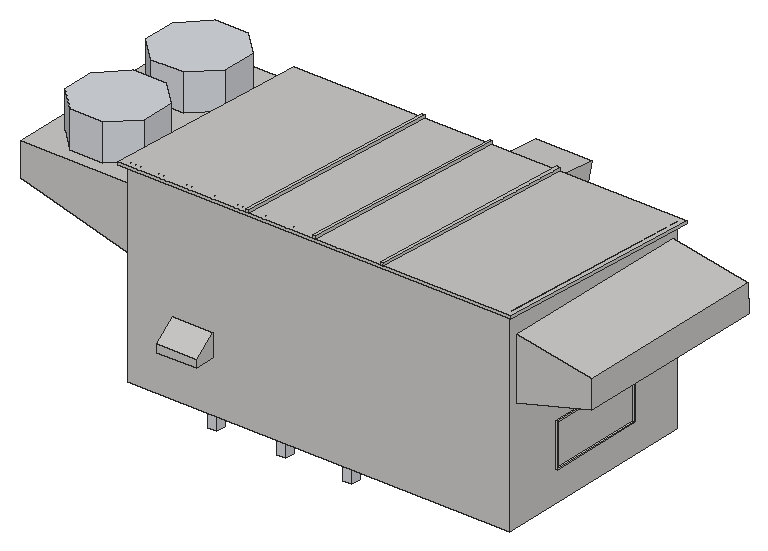
Revit family "DN3_PKGD_RT_ECH_1FP", category Mechanical Equipment, Revit 2019
Family settings
  Round Connector Dimension = Use Diameter
  Part Type = Normal
  OmniClass Number = 23.75.00.00
  OmniClass Title = Climate Control (HVAC)
  Work Plane-Based = No
  Always vertical = Yes
  Cut with Voids When Loaded = No
  Shared = No
  Room Calculation Point = No
Parameters (values of type "2 @ 5HP ea. 575V")
  Voltage [instance] = "575V"
  Unit Weight Range (lbs) [instance] = "3400-4550 lbs"
  Refrigerant = "R410A"
  Number of Condenser Fans = "Qty. 2, EC motor, Direct drive"
  Nominal Capacity Range = "3.5T - 20T"
  Max. Shipping Weight (lbs) [instance] = "3400-4900 lbs"
  Unit Dimensions (L x W x H) [instance] = "210-3/4\" x 106-1/8\" x 78-1/2\""
  Shipping Dimensions (L x W x H) [instance] = "210-3/4\" x 106-1/8\" x 78-1/2\""
  Unit [instance] = Renewaire - Galvanized Steel
  URL = "www.renewaire.com"
  Typical Airflow Range = "750-3,300 CFM"
  Standard Features [instance] = "EC Motors for both airstreams, Direct drive backward inclined plenum, Higher ESP of up to 2.5\" w.g. at 3,000 CFM, Integrated programmable controls, True 100% face and bypass enthalpy based modulating economizer, Class 1 low leakage motorized isolation dampers, Stainless steel double-sloped drain pan with cooling option, 1\" Double wall foam injected 20 gauge galvanized panel construction with R6.5 insulation"
  Service Area Visibility [instance] = yes
  Service Area Box [instance] = Renewaire - Interference
  Revit Object Download Link [instance] = ""
  Phase [instance] = "Three"
  Options [instance] = "DX, heat pump, or chilled water cooling coil, Modulating hot gas reheat, Steam or hot water coil, gas heat module or electric heater, Onboard variable frequency drives (VFDs) - both airstreams, Fused disconnect, Spring isolators (VFDs only), 2\" Double wall foam injected 20 gauge galvanized panel construction with R13 insulation, Exterior paint - grey, white, custom color, Salt spray - 2,500 hour, BACNET factory activation, GFCI convenience outlet, Recirculation damper, Drain overflow switch, Electrofin coating for coils, Mist eliminator"
  Number Motors [instance] = "Qty. 2, Direct drive motorized impeller packages"
  Model = "DN-3RT-ECH-1FP"
  Manufacturer = "Renewaire LLC"
  Inlets/Outlets [instance] = "OA & RA Inlets: 36\" x 16\", SA Outlet: 24\" x 16\", EA Outlet: 20\" x 16\""
  Frequency [instance] = "50/60 Hz"
  Filters [instance] = "Total qty. 6, MERV 8: 20\" x 20\" x 2\""
  Features (default) = "BLDC Variable Speed Compressor, Integrated Refrigeration Controller, Electronic Expansion Valve, Filter Drier, Sight Glass"
  Energy Recovery Type [instance] = "Static plate total energy transfer"
  Description = "Energy Recovery Ventilator"
  Available Options = "Fixed Speed Compressor, Suction Accumlator w/HGRH, Modulating 3-way Valve w/HGRH"
  Accessories [instance] = "Filters - MERV 13, 2\"  and 4\" (shipped loose), MERV 14, 2\" and 4\" (shipped loose), Additional filters available upon request, Roof curb - standard 14\", Hurricane or seismic rated curbs, Curb clip kit, Carbon dioxide sensor/control - wall mount (CO2-W), duct mount (CO2-D), IAQ sensor - wall mount (IAQ-W), duct mount (IAQ-D), Motion occupancy sensor/control - ceiling mount (MC-C), wall mount (MC-W), Smoke detector, Room temperature and humidity sensor, Duct static pressure sensor with display to 10\", without display 0-2\", Room pressure sensor with display to 1\", without display 0-1\", Waterless trap negative pressure, waterless trap positive pressure, Remote display"
  AHRI 1060 Certified Core [instance] = "Three L-125-G5"
Types (6): name | Voltage | Max. Shipping Weight (lbs)
  (no name) | "575V" | "3400-4900 lbs"
  2 @ 2.70 kW ea. | "200-240 V" | "3400-4550 lbs"
  2 @ 3.70 kW ea. | "380-480 V" | "3400-4550 lbs"
  2 @ 5HP ea. 208-230V | "208-230 V" | "3400-4550 lbs"
  2 @ 5HP ea. 460V | "460V" | "3400-4550 lbs"
  2 @ 5HP ea. 575V | "575V" | "3400-4900 lbs"
Reference planes (in)
  plane 1 "Center (Front/Back)": y = 0
  plane 2: z = 0
  plane 3 "Center (Left/Right)": x = 0
  plane 4: y = -38.6875
  plane 5: x = -70.875
Forms (in)
  Extrusion 1, solid, material "Renewaire - Galvanized Steel" <- "Unit"
    sketch origin (0, 0, 0) x (0, 1, 0) y (0, 0, 1)
      loop
        line (38.6875, 68.86392) -> (-38.6875, 72.89316) -> (-38.6875, 0) -> (38.6875, 0) -> (38.6875, 68.86392)
    from 70.875 to -70.875
  Extrusion 2, solid, material "Renewaire - Galvanized Steel" <- "Unit"
    sketch origin (0, 0, 0) x (0, 1, 0) y (0, 0, 1)
      loop
        line (12.02253, 30.88417) -> (-11.97747, 30.88417) -> (-11.97747, 14.88417) -> (12.02253, 14.88417) -> (12.02253, 30.88417)
      loop
        line (11.77253, 30.63417) -> (-11.72747, 30.63417) -> (-11.72747, 15.13417) -> (11.77253, 15.13417) -> (11.77253, 30.63417)
    from -70.875 to -71.875
  Extrusion 3, solid, material "Renewaire - Galvanized Steel" <- "Unit"
    sketch origin (0, 0, 0) x (0, 1, 0) y (0, 0, 1)
      loop
        line (-17.97746, 27.82167) -> (-17.97746, 11.82167) -> (18.02254, 11.82167) -> (18.02254, 27.82167) -> (-17.97746, 27.82167)
      loop
        line (-17.72746, 27.57167) -> (-17.72746, 12.07167) -> (17.77254, 12.07167) -> (17.77254, 27.57167) -> (-17.72746, 27.57167)
    from 71.875 to 70.875
  Extrusion 4, void
    sketch origin (0, 0, 0) x (1, 0, 0) y (0, 1, 0)
      loop
        line (-68.875, 36.6875) -> (-68.875, -36.6875) -> (68.875, -36.6875) -> (68.875, 36.6875) -> (-68.875, 36.6875)
    from -1 to 8
  Extrusion 5, void
    sketch origin (0, 0, 0) x (1, 0, 0) y (0, 1, 0)
      loop
        line (64.82319, 18.02251) -> (48.8232, 18.02251) -> (48.8232, -17.97749) -> (64.82319, -17.97749) -> (64.82319, 18.02251)
      loop
        line (-47.15629, 11.9775) -> (-63.15629, 11.9775) -> (-63.15629, -12.0225) -> (-47.15629, -12.0225) -> (-47.15629, 11.9775)
    from 4 to 8.125
  Extrusion 6, solid, material "Renewaire - Galvanized Steel" <- "Unit"
    sketch origin (0, 0, 0) x (0, 1, 0) y (0, 0, 1)
      loop
        line (40.77402, 67.99062) -> (40.82511, 68.98932) -> (-40.7343, 73.16164) -> (-40.78539, 72.16294) -> (40.77402, 67.99062)
    from -72.84099 to 72.75299
  Extrusion 7, solid, material "Renewaire - Galvanized Steel" <- "Unit"
    sketch origin (0, 0, 0) x (1, 0, 0) y (0, 0, 1)
      loop
        line (70.875, 64.44269) -> (70.875, 41.65389) -> (99.19202, 49.31132) -> (99.19202, 59.44964) -> (70.875, 64.44269)
    from -36.23016 to 36.21682
  Extrusion 8, solid, material "Renewaire - Galvanized Steel" <- "Unit"
    sketch origin (0, 0, 0) x (1, 0, 0) y (0, 0, 1)
      loop
        line (-70.875, 27.26407) -> (-75.22167, 26.09938) -> (-73.10516, 18.20047) -> (-70.875, 18.20047) -> (-70.875, 27.26407)
    from 13.86819 to 22.27834
  Extrusion 9, solid, material "Renewaire - Galvanized Steel" <- "Unit"
    sketch origin (0, -0.12617, 0) x (0, 1, 0) y (0, 0, 1)
      loop
        line (-38.6875, 27.36287) -> (-46.14336, 21.53771) -> (-46.14336, 18.86017) -> (-38.6875, 18.86017) -> (-38.6875, 27.36287)
    from -54.17871 to -39.29871
  Extrusion 10, solid, material "Renewaire - Galvanized Steel" <- "Unit"
    sketch origin (0, 0, 0) x (0, 1, 0) y (0, 0, 1)
      loop
        line (38.6875, 64.62516) -> (38.6875, 46.19134) -> (55.10189, 46.19134) -> (59.85664, 62.7731) -> (38.6875, 64.62516)
    from 1.62724 to 22.31458
  Extrusion 11, void
    sketch origin (0, -1, 0) x (1, 0, 0) y (0, 1, 0)
      loop
        line (-111.55798, -114.78539) -> (99.19202, -114.78539) -> (99.19202, 77.82511) -> (-111.55798, 77.82511) -> (-111.55798, -114.78539)
    from 0 to 72.16294
  Extrusion 12, solid, material "Renewaire - Galvanized Steel" <- "Unit"
    sketch origin (0, 0, 0) x (0, 1, 0) y (0, 0, 1)
      loop
        line (40.82511, 68.98932) -> (40.8762, 69.98801) -> (-40.68321, 74.16033) -> (-40.7343, 73.16164) -> (40.82511, 68.98932)
    from 0.5 to -0.5
  Extrusion 13, solid, material "Renewaire - Galvanized Steel" <- "Unit"
    sketch origin (0, 0, 0) x (0, 1, 0) y (0, 0, 1)
      loop
        line (40.82511, 68.98932) -> (40.8762, 69.98801) -> (-40.68321, 74.16033) -> (-40.7343, 73.16164) -> (40.82511, 68.98932)
    from 24.5 to 25.5
  Extrusion 14, solid, material "Renewaire - Galvanized Steel" <- "Unit"
    sketch origin (0, 0, 0) x (0, 1, 0) y (0, 0, 1)
      loop
        line (40.82511, 68.98932) -> (40.8762, 69.98801) -> (-40.68321, 74.16033) -> (-40.7343, 73.16164) -> (40.82511, 68.98932)
    from -24.5 to -25.5
  Extrusion 15, solid, material "Renewaire - Galvanized Steel" <- "Unit"
    sketch origin (-12.375, 0.59476, -1.10754) x (-1, 0, 0) y (0, 0, -1)
      loop
        line (58.5, -66.11208) -> (99.18298, -66.11208) -> (99.18298, -53.96142) -> (58.5, -42.92593) -> (58.5, -66.11208)
    from 38.15726 to -38.09274
  Extrusion 16, void
    sketch origin (1.52696, 0, 74.5) x (1, 0, 0) y (0, 1, 0)
      loop
        line (-113.24096, 38.6875) -> (-113.24096, -37.5625) -> (-72.84099, -37.5625) -> (-72.84099, 38.6875) -> (-113.24096, 38.6875)
    from 4 to 52
  Extrusion 17, solid
    sketch origin (61.73609, -75.46529, 93.7445) x (0.999048, 0.043619, 0) y (-0.043619, 0.999048, 0)
      loop
        line (-143.41504, 78.57827) -> (-155.64926, 79.11243) -> (-164.67786, 70.83924) -> (-165.21202, 58.60502) -> (-156.93883, 49.57642) -> (-144.70461, 49.04226) -> (-135.67601, 57.31545) -> (-135.14185, 69.54967) -> (-143.41504, 78.57827)
    from -15.2445 to -28.73996
  Extrusion 18, solid
    sketch origin (61.73609, -37.66513, 93.7445) x (0.999048, 0.043619, 0) y (-0.043619, 0.999048, 0)
      loop
        line (-143.41504, 78.57827) -> (-155.64926, 79.11243) -> (-164.67786, 70.83924) -> (-165.21202, 58.60502) -> (-156.93883, 49.57642) -> (-144.70461, 49.04226) -> (-135.67601, 57.31545) -> (-135.14185, 69.54967) -> (-143.41504, 78.57827)
    from -15.2445 to -28.73996
  Extrusion 19, solid
    sketch origin (0, 0, 0) x (1, 0, 0) y (0, 1, 0)
      loop
        line (-56.875, 29.3125) -> (-50.875, 29.3125) -> (-50.875, 30.6875) -> (-56.875, 30.6875) -> (-56.875, 29.3125)
      loop
        line (-22.625, 29.3125) -> (-17.125, 29.3125) -> (-17.125, 30.6875) -> (-22.625, 30.6875) -> (-22.625, 29.3125)
    from -6.65974 to 0
  Extrusion 20, solid
    sketch origin (0, 0, 0) x (1, 0, 0) y (0, 1, 0)
      loop
        line (10.25, -36.1875) -> (10.25, -32.6875) -> (6.75, -32.6875) -> (6.75, -36.1875) -> (10.25, -36.1875)
      loop
        line (-14.275, -36.1875) -> (-14.275, -32.6875) -> (-17.775, -32.6875) -> (-17.775, -36.1875) -> (-14.275, -36.1875)
      loop
        line (-39.714, -36.1875) -> (-39.714, -32.6875) -> (-43.214, -32.6875) -> (-43.214, -36.1875) -> (-39.714, -36.1875)
    from -6.65974 to 0
  Extrusion 21, solid
    sketch origin (-24.06573, -13.00523, 65.8745) x (1, 0, 0) y (0, 1, 0)
      loop
        line (-48.37017, -17.68227) -> (-48.37017, -21.18227) -> (-46.80927, -21.18227) -> (-46.80927, -17.68227) -> (-48.37017, -17.68227)
    from -24.05611 to -29
Cuts and joins
  Extrusion 4, Extrusion 5 cuts Extrusion 1
Lines and regions (in)
  model lines, style "MechanicalEquipmentHiddenLines"
    curve 1: line (10.25, -36.1875, 0) -> (10.25, -32.6875, 0)
    curve 2: line (-39.714, -36.1875, 0) -> (-39.714, -32.6875, 0)
    curve 3: line (-14.275, -36.1875, 0) -> (-14.275, -32.6875, 0)
Dimensions and locks (in)
  aligned and locked: level to plane 2
Connectors (in)
  hvac at (-71.875, 0.02253, 22.88417)
    settings: on Extrusion 2, index 1, duct flow 0 CFM, flow factor 0, pres drop 0.00 in-wg, loss coef 0, conn angle 0.00°, conn width 24", conn height 16", conn diameter 24", duct sys type 1, conn prof type 1, flow config 0, flow direction 2, loss method 0, conn ref index -1, conn util no, is conn primary yes, conn desc "Supply Air (SA)"
  hvac at (56.8232, 0.02251, 8)
    settings: on cut or joined group of Extrusion 1, Extrusion 4, Extrusion 5, index 3, duct flow 0 CFM, flow factor 0, pres drop 0.00 in-wg, loss coef 0, conn angle 0.00°, conn width 36", conn height 16", conn diameter 24", duct sys type 2, conn prof type 1, flow config 0, flow direction 1, loss method 0, conn ref index -1, conn util no, is conn primary no, conn desc "Return Air (RA)"
  hvac at (71.875, 0.02254, 19.82167)
    settings: on Extrusion 3, index 4, duct flow 0 CFM, flow factor 0, pres drop 0.00 in-wg, loss coef 0, conn angle 0.00°, conn width 36", conn height 16", conn diameter 24", duct sys type 2, conn prof type 1, flow config 0, flow direction 1, loss method 0, conn ref index -1, conn util no, is conn primary no, conn desc "Return Air (RA)"
  hvac at (-55.15629, -0.0225, 8.125)
    settings: on cut or joined group of Extrusion 1, Extrusion 4, Extrusion 5, index 5, duct flow 0 CFM, flow factor 0, pres drop 0.00 in-wg, loss coef 0, conn angle 0.00°, conn width 16", conn height 24", conn diameter 24", duct sys type 1, conn prof type 1, flow config 0, flow direction 2, loss method 0, conn ref index -1, conn util no, is conn primary no, conn desc "Supply Air (SA)"
  piping at (-53.875, 30, -6.65974), diameter 1.25
    settings: on Extrusion 19, index 6, connector inside diameter 24", connector length 0' - 0", flow factor 0, pipe flow 0 GPM, pressure drop 0.00 psi, fitting loss kfactor 0, connector angle 0.00°, fixture units 0, engagement length 0' - 0", angle of deflection 0.00°, flow configuration 0, flow direction 0, fitting loss method 0, system type 19, joint type 0, gender type 0, connector reference index -1, connector utility 0, adjustable connector no, is connector primary yes, connector description "PIPING PENETRATIONS FAN BEFORE - HW (HORIZONTAL ONLY)"
  piping at (-19.875, 30, -6.65974), diameter 1.25
    settings: on Extrusion 19, index 7, connector inside diameter 24", connector length 0' - 0", flow factor 0, pipe flow 0 GPM, pressure drop 0.00 psi, fitting loss kfactor 0, connector angle 0.00°, fixture units 0, engagement length 0' - 0", angle of deflection 0.00°, flow configuration 0, flow direction 0, fitting loss method 0, system type 19, joint type 0, gender type 0, connector reference index -1, connector utility 0, adjustable connector no, is connector primary no, connector description "PIPING PENETRATIONS FAN AFTER - HW"
  piping at (-41.464, -34.4375, -6.65974), diameter 3.5
    settings: on Extrusion 20, index 8, connector inside diameter 24", connector length 0' - 0", flow factor 0, pipe flow 0 GPM, pressure drop 0.00 psi, fitting loss kfactor 0, connector angle 0.00°, fixture units 0, engagement length 0' - 0", angle of deflection 0.00°, flow configuration 0, flow direction 0, fitting loss method 0, system type 19, joint type 0, gender type 0, connector reference index -1, connector utility 0, adjustable connector no, is connector primary no, connector description "1\" NPT DRAIN FAN BEFORE - HW (HORIZONTAL ONLY)"
  piping at (-16.025, -34.4375, -6.65974), diameter 3.5
    settings: on Extrusion 20, index 9, connector inside diameter 24", connector length 0' - 0", flow factor 0, pipe flow 0 GPM, pressure drop 0.00 psi, fitting loss kfactor 0, connector angle 0.00°, fixture units 0, engagement length 0' - 0", angle of deflection 0.00°, flow configuration 0, flow direction 0, fitting loss method 0, system type 19, joint type 0, gender type 0, connector reference index -1, connector utility 0, adjustable connector no, is connector primary no, connector description "1\" NPT DRAIN FAN BEFORE-DX FAN AFTER-HW"
  piping at (8.5, -34.4375, -6.65974), diameter 3.5
    settings: on Extrusion 20, index 10, connector inside diameter 24", connector length 0' - 0", flow factor 0, pipe flow 0 GPM, pressure drop 0.00 psi, fitting loss kfactor 0, connector angle 0.00°, fixture units 0, engagement length 0' - 0", angle of deflection 0.00°, flow configuration 0, flow direction 0, fitting loss method 0, system type 19, joint type 0, gender type 0, connector reference index -1, connector utility 0, adjustable connector no, is connector primary no, connector description "1\" NPT DRAIN FAN AFTER - DX"
  electrical at (-72.4359, -32.4375, 39.34644)
    settings: on Extrusion 21, index 11, voltage 0 V, apparent load 0 VA, apparent load phase1 0 VA, apparent load phase2 0 VA, apparent load phase3 0 VA, power factor 1, load classification "Other", number of poles 1, system type 30, power factor state 1, is connector primary yes, connector utility no, sub classification motor no, connector description ""
